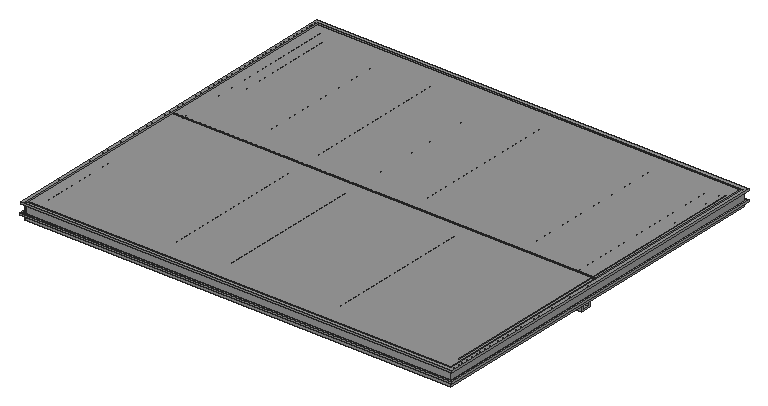
Revit family "gorter_WAD", category Generic Models, host Floor, Revit 2019
Family settings
  Host = Floor
  Can host rebar = No
  Round Connector Dimension = Use Diameter
  Part Type = Normal
  Always vertical = Yes
  Cut with Voids When Loaded = No
  Shared = Yes
  Room Calculation Point = No
Parameters (values of type "WAD-1720-2024")
  vloerluik = geanodiseerd aluminium
  hoogte onder level = 0 mm
  hoogte boven level = 0 mm
  URL = "https://www.gortergroup.com/nl/producten/vloerluiken.html"
  Model = "WAD"
  C = 400 mm
  Bevestiging = "Frame gelaste ankers"
  Belastbaarheid = ""
  B = 1720 mm  # constant formula
  A = 2024 mm  # constant formula
Reference planes
  plane 1 "Center (Front/Back)": y = 0
  plane 2: z = 0
  plane 3 "Center (Left/Right)": x = 0
  plane 4: y = 860
  plane 5: y = -860
  plane 6: x = -1012
  plane 7: x = 1012
  plane 8: z = -400
  plane 9: x = -1083.5
  plane 10: y = 931.5
  plane 11: x = 1083.5
  plane 12: y = -931.5
  plane 13: x = 1011
  plane 14: x = 960
  plane 15: x = -960
  plane 16: y = 715
  plane 17: y = -731.5
  plane 18: x = 883.5
  plane 19: x = -883.5
  plane 20: y = -808
  plane 21: y = 808
  plane 22: x = -1060
  plane 23: x = 1060
  plane 24: y = 908
  plane 25: y = -908
  plane 26: z = -6.2
  plane 27: z = -71.2
  plane 28: y = -80
  plane 29: y = 80
  plane 30: x = -685.714
  plane 31: x = -411.429
  plane 32: x = -137.143
  plane 33: x = 137.143
  plane 34: x = 411.429
  plane 35: x = 685.714
  plane 36: x = -685.714
  plane 37: x = -411.429
  plane 38: x = -137.143
  plane 39: x = 137.143
  plane 40: x = 411.429
  plane 41: x = 685.714
  plane 42: y = 5
  plane 43: y = -5
  plane 44 "bk. vloerluik": z = 0
  plane 45: z = 0
Forms (mm)
  Extrusion 1, void
    sketch origin (0, 0, 0) x (1, 0, 0) y (0, 1, 0)
      loop
        line (-1014.6, 862.6) -> (-1014.6, -862.6) -> (1014.6, -862.6) -> (1014.6, 862.6) -> (-1014.6, 862.6)
    from -400 to 0
  Sweep 2, solid, material "geanodiseerd aluminium" <- "vloerluik"
    path origin (0, 0, 0) x (0, -1, 0) y (1, 0, 0)
      loop
        line (-860, -1012) -> (860, -1012) -> (860, 1012) -> (-860, 1012) -> (-860, -1012)
    profile "randprofiel : randprofiel" origin (-1012, 0, 0) x (-1, 0, 0) y (0, 0, 1)
      loop
        line (58.8, -50.7) -> (58.8, -3.8) -> (67.7, -3.8) -> (67.7, -7) -> (71.5, -7) -> (71.5, 0) -> (55, 0) -> (55, -38.2) -> (55, -76.2) -> (3.8, -76.2) -> (3.8, -28.9) -> (9, -23.7) -> (9, -6.2) -> (2, -6.2) -> (-1, -6.2) -> (-1, -15.7) -> (2.8, -15.7) -> (2.8, -13.7) -> (5.2, -13.7) -> (5.2, -21.843) -> (0, -27.043) -> (0, -101.5) -> (2.6, -101.5) -> (2.6, -80) -> (58.8, -80) -> (58.8, -54.5) -> (67.7, -54.5) -> (67.7, -57.6) -> (71.5, -57.6) -> (71.5, -47.6) -> (67.7, -47.6) -> (67.7, -50.7) -> (58.8, -50.7)
  Sweep 3, void
    path origin (0, 0, 0) x (0, -1, 0) y (1, 0, 0)
      loop
        line (-860, -1012) -> (860, -1012) -> (860, 1012) -> (-860, 1012) -> (-860, -1012)
    profile origin (-1012, 0, 0) x (-1, 0, 0) y (0, 0, 1)
      loop
        line (0, 0) -> (0, -101.4) -> (2.6, -101.4) -> (2.6, -79.9) -> (58.8, -79.9) -> (58.8, -57.5) -> (71.5, -57.5) -> (71.5, 0) -> (0, 0)
  Sweep 4, solid, material "geanodiseerd aluminium" <- "vloerluik"
    path origin (0, 0, 0) x (0, -1, 0) y (1, 0, 0)
      loop
        line (-5, -960) -> (-808, -960) -> (-808, 960) -> (-5, 960)
    profile "binnenprofiel : binnenprofiel" origin (-960, 406.5, 0) x (-1, 0, 0) y (0, 0, 1)
      loop
        line (5, -6.2) -> (100, -6.2) -> (100, -1.2) -> (0, -1.2) -> (0, -66.2) -> (5, -66.2) -> (5, -6.2)
  Extrusion 5, solid, material "geanodiseerd aluminium" <- "vloerluik"
    sketch origin (-2542.234, 860, 4015) x (-1, 0, 0) y (0, 0, 1)
      loop
        line (-1582.234, -4021.2) -> (-1582.234, -4016.2) -> (-3502.234, -4016.2) -> (-3502.234, -4021.2) -> (-1582.234, -4021.2)
    from -52 to -855
  Sweep 6, solid, material "geanodiseerd aluminium" <- "vloerluik"
    path origin (0, 0, 0) x (0, -1, 0) y (1, 0, 0)
      loop
        line (5, -960) -> (808, -960) -> (808, 960) -> (5, 960)
    profile "binnenprofiel : binnenprofiel" origin (-960, -406.5, 0) x (1, 0, 0) y (0, 0, 1)
      loop
        line (-5, -6.2) -> (-5, -66.2) -> (0, -66.2) -> (0, -1.2) -> (-100, -1.2) -> (-100, -6.2) -> (-5, -6.2)
  Extrusion 7, solid, material "geanodiseerd aluminium" <- "vloerluik"
    sketch origin (-2542.234, -750, 4015) x (-1, 0, 0) y (0, 0, -1)
      loop
        line (-1582.234, 4021.2) -> (-3502.234, 4021.2) -> (-3502.234, 4016.2) -> (-1582.234, 4016.2) -> (-1582.234, 4021.2)
    from 58 to -745
  Sweep 8, solid, material "geanodiseerd aluminium" <- "vloerluik"
    path origin (0, 0, 0) x (0, -1, 0) y (1, 0, 0)
      loop
        line (0, -1012) -> (0, 1012)
    profile origin (0, 0, 0) x (0, 1, 0) y (0, 0, 1)
      loop
        line (-20, -6.2) -> (-25, -6.2) -> (-25, -56.2) -> (25, -56.2) -> (25, -6.2) -> (20, -6.2) -> (20, -51.2) -> (-20, -51.2) -> (-20, -6.2)
  Extrusion 9, solid, material "geanodiseerd aluminium" <- "vloerluik"
    sketch origin (960, -87, -1.2) x (-1, 0, 0) y (0, 0, -1)
      loop
        line (1648.214, 70) -> (1643.214, 70) -> (1643.214, 5) -> (1648.214, 5) -> (1648.214, 70)
      loop
        line (1373.929, 70) -> (1368.929, 70) -> (1368.929, 5) -> (1373.929, 5) -> (1373.929, 70)
      loop
        line (1099.643, 70) -> (1094.643, 70) -> (1094.643, 5) -> (1099.643, 5) -> (1099.643, 70)
      loop
        line (825.357, 70) -> (820.357, 70) -> (820.357, 5) -> (825.357, 5) -> (825.357, 70)
      loop
        line (551.071, 70) -> (546.071, 70) -> (546.071, 5) -> (551.071, 5) -> (551.071, 70)
      loop
        line (276.786, 70) -> (271.786, 70) -> (271.786, 5) -> (276.786, 5) -> (276.786, 70)
    from -7 to 721
  Extrusion 10, solid, material "geanodiseerd aluminium" <- "vloerluik"
    sketch origin (960, 87, -1.2) x (-1, 0, 0) y (0, 0, 1)
      loop
        line (1648.214, -70) -> (1648.214, -5) -> (1643.214, -5) -> (1643.214, -70) -> (1648.214, -70)
      loop
        line (1373.929, -70) -> (1373.929, -5) -> (1368.929, -5) -> (1368.929, -70) -> (1373.929, -70)
      loop
        line (1099.643, -70) -> (1099.643, -5) -> (1094.643, -5) -> (1094.643, -70) -> (1099.643, -70)
      loop
        line (825.357, -70) -> (825.357, -5) -> (820.357, -5) -> (820.357, -70) -> (825.357, -70)
      loop
        line (551.071, -70) -> (551.071, -5) -> (546.071, -5) -> (546.071, -70) -> (551.071, -70)
      loop
        line (276.786, -70) -> (276.786, -5) -> (271.786, -5) -> (271.786, -70) -> (276.786, -70)
    from -7 to 721
  Sweep 11, solid, material "geanodiseerd aluminium" <- "vloerluik"
    path origin (0, 0, -50) x (1, 0, 0) y (0, 1, 0)
      loop
        line (-1012, 0) -> (1012, 0)
    profile origin (0, 0, -50) x (0, 1, 0) y (0, 0, 1)
      loop
        line (-20, -6.2) -> (-25, -6.2) -> (-25, -56.2) -> (25, -56.2) -> (25, -6.2) -> (20, -6.2) -> (20, -51.2) -> (-20, -51.2) -> (-20, -6.2)
  Sweep 12, solid, material "geanodiseerd aluminium" <- "vloerluik"
    path origin (0, 0, -100) x (1, 0, 0) y (0, 1, 0)
      loop
        line (-1012, 0) -> (1012, 0)
    profile origin (0, 0, -100) x (0, 1, 0) y (0, 0, 1)
      loop
        line (-20, -6.2) -> (-25, -6.2) -> (-25, -56.2) -> (25, -56.2) -> (25, -6.2) -> (20, -6.2) -> (20, -51.2) -> (-20, -51.2) -> (-20, -6.2)
  Extrusion 13, solid, material "geanodiseerd aluminium" <- "vloerluik"
    sketch origin (-408.929, 87, -71.2) x (0, 0, 1) y (0, -1, 0)
      loop
        line (0, 7) -> (65, 7) -> (65, 12) -> (0, 12) -> (0, 7)
      loop
        line (0, 167) -> (0, 162) -> (65, 162) -> (65, 167) -> (0, 167)
    from -551.071 to 1368.929
Cuts and joins
  joined: Sweep 2, Sweep 8
  joined: Sweep 4, Extrusion 5
  joined: Sweep 6, Extrusion 7
Lines and regions (mm)
  model lines, style "draairichting"
    curve 1: line (-1060, 908, 0) -> (0, 5, 0)
    curve 2: line (0, 5, 0) -> (1060, 908, 0)
    curve 3: line (-1060, -908, 0) -> (0, -5, 0)
    curve 4: line (0, -5, 0) -> (1060, -908, 0)
Dimensions and locks
  equal spacing: plane 6, plane 3 "Center (Left/Right)", plane 7
  "A": plane 6 to plane 7
  equal spacing: plane 5, plane 1 "Center (Front/Back)", plane 4
  "B": plane 5 to plane 4
  "C": level to plane 8
  locked: plane 12 to plane 5 at 71.5
  locked: plane 9 to plane 6 at 71.5
  locked: plane 7 to plane 11 at 71.5
  locked: plane 10 to plane 4 at 71.5
  locked: plane 13 to plane 11 at 72.5
  locked: plane 6 to Sweep 4 sketch curve at 52
  locked: Sweep 4 sketch curve to plane 7 at 52
  locked: plane 7 to plane 14 at 52
  locked: plane 15 to plane 6 at 52
  plane 10 to plane 16 = 216.5 mm
  locked: plane 12 to plane 17 at 200
  locked: plane 18 to plane 11 at 200
  locked: plane 9 to plane 19 at 200
  plane 5 to plane 4 = 1720 mm
  plane 11 to plane 9 = 2167 mm
  plane 12 to plane 10 = 1863 mm
  locked: Sweep 4 sketch curve to plane 4 at 52
  locked: Sweep 6 sketch curve to plane 7 at 52
  locked: plane 6 to Sweep 6 sketch curve at 52
  locked: plane 5 to Sweep 6 sketch curve at 52
  plane 7 to plane 6 = 2024 mm
  locked: plane 5 to plane 20 at 52
  locked: plane 21 to plane 4 at 52
  Extrusion 9 sketch curve to plane 30 to Extrusion 9 sketch curve = 2.5 mm locked, 2.5 mm locked
  Extrusion 9 sketch curve to plane 31 to Extrusion 9 sketch curve = 2.5 mm locked, 2.5 mm locked
  Extrusion 9 sketch curve to plane 32 to Extrusion 9 sketch curve = 2.5 mm locked, 2.5 mm locked
  Extrusion 9 sketch curve to plane 33 to Extrusion 9 sketch curve = 2.5 mm locked, 2.5 mm locked
  Extrusion 9 sketch curve to plane 34 to Extrusion 9 sketch curve = 2.5 mm locked, 2.5 mm locked
  Extrusion 9 sketch curve to plane 35 to Extrusion 9 sketch curve = 2.5 mm locked, 2.5 mm locked
  equal spacing: plane 15, plane 30, plane 31, plane 32, plane 33, plane 34, plane 35, plane 14
  Extrusion 10 sketch curve to plane 36 to Extrusion 10 sketch curve = 2.5 mm locked, 2.5 mm locked
  Extrusion 10 sketch curve to plane 37 to Extrusion 10 sketch curve = 2.5 mm locked, 2.5 mm locked
  Extrusion 10 sketch curve to plane 38 to Extrusion 10 sketch curve = 2.5 mm locked, 2.5 mm locked
  Extrusion 10 sketch curve to plane 39 to Extrusion 10 sketch curve = 2.5 mm locked, 2.5 mm locked
  Extrusion 10 sketch curve to plane 40 to Extrusion 10 sketch curve = 2.5 mm locked, 2.5 mm locked
  Extrusion 10 sketch curve to plane 41 to Extrusion 10 sketch curve = 2.5 mm locked, 2.5 mm locked
  equal spacing: plane 15, plane 36, plane 37, plane 38, plane 39, plane 40, plane 41, plane 14
  plane 44 "bk. vloerluik" to Sweep 3 sketch curve to Sweep 3 sketch curve to Sweep 3 sketch curve = 57.5 mm locked, 22.4 mm locked, 21.5 mm locked
  plane 6 to Sweep 3 sketch curve to Sweep 3 sketch curve to Sweep 3 sketch curve = 2.6 mm locked, 56.2 mm locked, 12.7 mm locked
  locked: Extrusion 1 sketch curve to plane 6 at 2.6
  locked: Extrusion 1 sketch curve to plane 5 at 2.6
  locked: plane 7 to Extrusion 1 sketch curve at 2.6
  locked: Extrusion 1 sketch curve to plane 4 at 2.6
  locked: Sweep 8 sketch curve to Sweep 8 sketch curve at 50
  locked: Sweep 11 sketch curve to Sweep 11 sketch curve at 50
  locked: Sweep 12 sketch curve to Sweep 12 sketch curve at 50
  locked: Sweep 8 sketch curve to plane 26 at 50
  locked: Sweep 11 sketch curve to plane 26 at 100
  locked: Sweep 12 sketch curve to plane 26 at 150
  locked: plane 1 "Center (Front/Back)" to Sweep 4 sketch curve at 5  (x2)
  plane 43 to plane 1 "Center (Front/Back)" to plane 42 = 5 mm locked, 5 mm locked
  locked: Extrusion 13 sketch curve to plane 29 at 5
  plane 28 to plane 1 "Center (Front/Back)" to plane 29 = 80 mm locked, 80 mm locked
  locked: plane 28 to Extrusion 13 sketch curve at 5
  locked: plane 23 to plane 11 at 23.5
  locked: plane 9 to plane 22 at 23.5
  locked: plane 10 to plane 24 at 23.5
  locked: plane 25 to plane 12 at 23.5
  plane 44 "bk. vloerluik" to plane 26 to plane 27 = 6.2 mm locked, 65 mm locked
  plane 44 "bk. vloerluik" to Extrusion 5 sketch curve = 1.2 mm
  locked: Extrusion 5 sketch curve to Extrusion 5 sketch curve at 5
  locked: plane 44 "bk. vloerluik" to Extrusion 7 sketch curve at 1.2
  locked: Extrusion 7 sketch curve to Extrusion 7 sketch curve at 5
  "hoogte boven level": plane 44 "bk. vloerluik" to plane 45
  "hoogte onder level": level to plane 45
  aligned and locked: level to plane 2
  aligned and locked: Extrusion 1 to plane 8
  aligned and locked: level to Extrusion 1
  aligned and locked: Sweep 2 sketch curve to plane 4
  aligned and locked: plane 6 to Sweep 2 sketch curve
  aligned and locked: Sweep 2 sketch curve to plane 5
  aligned and locked: Sweep 2 sketch curve to plane 7
  aligned and locked: plane 6 to Sweep 3 sketch curve
  aligned and locked: plane 3 "Center (Left/Right)" to curve 4
  aligned and locked: plane 3 "Center (Left/Right)" to curve 1
  aligned and locked: plane 1 "Center (Front/Back)" to Sweep 8 sketch curve
  aligned and locked: plane 14 to Extrusion 7
  aligned and locked: plane 15 to Extrusion 7
  aligned and locked: Extrusion 7 to plane 20
  aligned and locked: Extrusion 5 to plane 21
  aligned and locked: plane 15 to Extrusion 5
  aligned and locked: plane 14 to cut or joined group of Sweep 4, Extrusion 5
  aligned and locked: Extrusion 9 sketch curve to plane 26  (x6)
  aligned and locked: plane 27 to Extrusion 9 sketch curve  (x6)
  aligned and locked: Extrusion 9 to plane 20
  aligned and locked: plane 28 to Extrusion 9
  aligned and locked: Extrusion 10 to plane 21
  aligned and locked: plane 29 to Extrusion 10
  aligned and locked: Extrusion 10 sketch curve to plane 26  (x6)
  aligned and locked: plane 27 to Extrusion 10 sketch curve  (x6)
  aligned and locked: plane 6 to Sweep 8 sketch curve
  aligned and locked: plane 7 to Sweep 8 sketch curve
  aligned and locked: plane 6 to Sweep 11 sketch curve
  aligned and locked: plane 7 to Sweep 11 sketch curve
  aligned and locked: plane 1 "Center (Front/Back)" to Sweep 11 sketch curve
  aligned and locked: plane 6 to Sweep 12 sketch curve
  aligned and locked: plane 1 "Center (Front/Back)" to Sweep 12 sketch curve
  aligned and locked: plane 7 to Sweep 12 sketch curve
  aligned and locked: plane 42 to cut or joined group of Sweep 4, Extrusion 5
  aligned and locked: plane 26 to Extrusion 13 sketch curve
  aligned and locked: Extrusion 13 sketch curve to plane 27
  aligned and locked: plane 29 to Extrusion 13 sketch curve
  aligned and locked: plane 43 to Sweep 6 sketch curve  (x2)
  aligned and locked: plane 43 to cut or joined group of Sweep 6, Extrusion 7
  aligned and locked: Extrusion 13 sketch curve to plane 28
  aligned and locked: Extrusion 13 sketch curve to plane 26
  aligned and locked: plane 27 to Extrusion 13 sketch curve
  aligned and locked: plane 15 to Extrusion 13
  aligned and locked: plane 14 to Extrusion 13
  aligned and locked: plane 44 "bk. vloerluik" to Sweep 3 sketch curve
  aligned and locked: Sweep 8 sketch curve to Sweep 8 sketch curve
  aligned and locked: Sweep 11 sketch curve to Sweep 11 sketch curve
  aligned and locked: Sweep 12 sketch curve to Sweep 12 sketch curve
Automatic sketch dimensions
  profile plane to Sweep 8 sketch curve = 25 mm
  Sweep 8 sketch curve to Sweep 8 sketch curve = 5 mm  (x3)
  Sweep 8 sketch curve to profile plane = 20 mm
  profile plane to Sweep 11 sketch curve = 25 mm
  Sweep 11 sketch curve to Sweep 11 sketch curve = 5 mm  (x3)
  Sweep 11 sketch curve to profile plane = 20 mm
  profile plane to Sweep 12 sketch curve = 25 mm
  Sweep 12 sketch curve to Sweep 12 sketch curve = 5 mm  (x3)
  Sweep 12 sketch curve to profile plane = 20 mm
  Sweep 3 sketch curve to plane 4 = 0 mm
  plane 5 to Sweep 3 sketch curve = 0 mm
  Sweep 3 sketch curve to plane 6 = 0 mm
  Sweep 3 sketch curve to plane 7 = 0 mm
  Extrusion 5 sketch curve to plane 14 = 0 mm
  plane 15 to Extrusion 5 sketch curve = 0 mm
  Extrusion 7 sketch curve to plane 14 = 0 mm
  plane 15 to Extrusion 7 sketch curve = 0 mm
  curve 2 to plane 23 = 0 mm
  curve 2 to plane 24 = 0 mm
  curve 1 to plane 22 = 0 mm
  curve 1 to plane 24 = 0 mm
  curve 4 to plane 23 = 0 mm
  plane 25 to curve 4 = 0 mm
  curve 3 to plane 22 = 0 mm
  plane 25 to curve 3 = 0 mm
  curve 2 to plane 42 = 0 mm
  curve 3 to plane 43 = 0 mm
